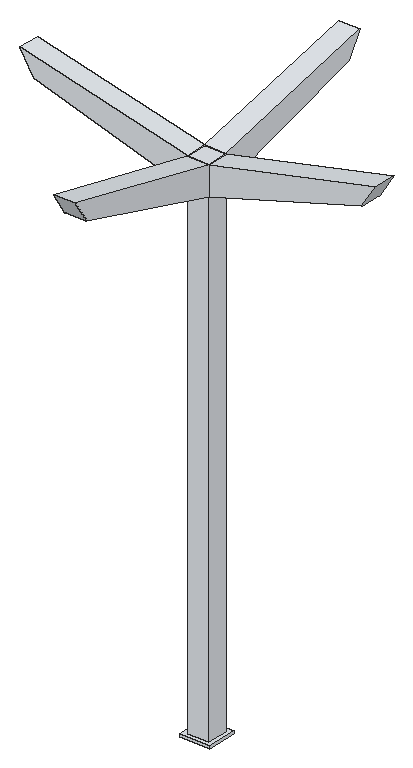
Revit family "K5", category Lighting Fixtures, host Face, Revit 2012
Parameters (values of type "K54")
  Voltage = 120 V
  URL = "http://www.aal.net/"
  Product Page URL = "http://www.aal.net/products/kick_medium_scale/"
  Product Documentation Link = "http://www.aal.net/content/products/specs/specs_files/aal_k5_spec.pdf"
  Photometric Web [instance] = Web K5 : K5X-T2-9030
  Model = "Kick Medium Scale"  # constant formula
  Material Finish [instance] = K5 Pole : K5-AWT
  Manufacturer Phone = "(626)-968-5666"  # constant formula
  Manufacturer Fax = "(626)-369-2695"  # constant formula
  Manufacturer = "Architectural Area Lighting"  # constant formula
  Lamp = "LED Lamp"
  Lamp-4 = yes
  Lamp-3 = yes
  Lamp-2 = yes
  Lamp-1 = yes
  Height = 10' - 0"
  Description = "Form follows Function” is the inspiration behind AAL’s breathtaking KicK™ luminaire. KicK™ is a contemporary, sleek, compact luminaire delivering an elegant, timeless form wrapped around precision cutoff optics for a truly elegant low glare pedestrian experience that re-defines architectural site lighting."  # constant formula
  Default Elevation = 4' - 0"
  Apparent Load = 0 VA
Types (5): name | Photometric Web | Material Finish | Lamp-4 | Lamp-3 | Lamp-2
  (no name) | Web K5 : K5X-T2-9030 | K5 Pole : K5-AWT | yes | yes | yes
  K54 | Web K5 : K5X-T2-9030 | K5 Pole : K5-AWT | yes | yes | yes
  K51 | Web K5 : K5X-T2-9040 | K5 Pole : K5-DBZ | no | no | no
  K52 | Web K5 : K5X-T2-9030 | K5 Pole : K5-AWT | no | yes | no
  K53 | Web K5 : K5X-T2-9030 | K5 Pole : K5-AWT | no | yes | yes
Reference planes (in)
  plane 1 "Center (Front/Back)": y = 0
  plane 2: z = 0
  plane 3 "Center (Left/Right)": x = 0
  plane 4: z = 0.5
  plane 5: x = -3
  plane 6: x = 3
  plane 7: x = 2
  plane 8: x = -2
  plane 9: z = 120
Dimensions and locks (in)
  locked: host sketch curve to host sketch curve at 48  (x2)
  equal spacing: host sketch curve, plane 3 "Center (Left/Right)", host sketch curve
  equal spacing: host sketch curve, plane 1 "Center (Front/Back)", host sketch curve
  plane 3 "Center (Left/Right)" to host sketch curve = 2' - 0"
  plane 1 "Center (Front/Back)" to host sketch curve = 2' - 0"
  locked: plane 4 to plane 2 at 0.5
  equal spacing: plane 5, plane 3 "Center (Left/Right)", plane 6
  locked: plane 5 to plane 6 at 6
  equal spacing: plane 8, plane 3 "Center (Left/Right)", plane 7
  locked: plane 5 to plane 8 at 1
  "Height": plane 9 to plane 2
  aligned and locked: plane 2 to host face
  aligned and locked: level to host face
  aligned and locked: plane 3 "Center (Left/Right)" to nested 1
  aligned and locked: plane 1 "Center (Front/Back)" to nested 1
  aligned and locked: nested 2 to nested 1  (x2)
  aligned and locked: nested 3 to nested 1  (x2)
  aligned and locked: nested 1 to nested 4
  aligned and locked: nested 4 to nested 1
  aligned and locked: nested 1 to nested 5
  aligned and locked: nested 5 to nested 1
Nested families (in)
  nested 1: "K5 Pole" at (0, 0, 0), Height <- "Height", type <- "Material Finish", Lamp-1 <- "Lamp-1", Lamp-2 <- "Lamp-2", Lamp-3 <- "Lamp-3", Lamp-4 <- "Lamp-4", type "K5-AWT"
    with Lamp-4 yes, Lamp-3 yes, Lamp-2 yes, Lamp-1 yes, Height 10' - 0"
  nested 2: "Web K5" at (21.42113, 0.23896, 118.89419) x (0, 1, 0) z (0.2848, 0, -0.9586), visible <- "Lamp-2", type <- "Photometric Web", type "K5X-T2-9030"
  nested 3: "Web K5" at (-0.23896, 21.42113, 118.89419) x (-1, 0, 0) z (0, 0.2848, -0.9586), type <- "Photometric Web", visible <- "Lamp-3", type "K5X-T2-9030"
  nested 4: "Web K5" at (-21.42113, -0.23896, 118.89419) x (0, -1, 0) z (-0.2848, 0, -0.9586), type <- "Photometric Web", visible <- "Lamp-4", type "K5X-T2-9030"
  nested 5: "Web K5" at (0.23896, -21.42113, 118.89419) x (1, 0, 0) z (0, -0.2848, -0.9586), type <- "Photometric Web", visible <- "Lamp-1", type "K5X-T2-9030"
Connectors (in)
  electrical at (0, 0, 0.5), driven by "Voltage", driven by "Description"
    settings: on nested 1, index 1, voltage 120 V, apparent load 0 VA, apparent load phase1 0 VA, apparent load phase2 0 VA, apparent load phase3 0 VA, power factor 1, load classification "Other", number of poles 1, system type 30, power factor state 1, is connector primary yes, connector utility no, sub classification motor no, connector description "Form follows Function” is the inspiration behind AAL’s breathtaking KicK™ luminaire. KicK™ is a contemporary, sleek, compact luminaire delivering an elegant, timeless form wrapped around precision cutoff optics for a truly elegant low glare pedestrian experience that re-defines architectural site lighting."
Definition of nested family "K5 Pole"
  Parameters (values of type "K5-ATG")
    Voltage = 0 V
    URL = ""
    Product Page URL = ""
    Product Documentation Link = ""
    Model = ""
    Manufacturer Phone = ""
    Manufacturer Fax = ""
    Manufacturer = ""
    Lamp-4 [instance] = yes
    Lamp-3 [instance] = yes
    Lamp-2 [instance] = yes
    Lamp-1 [instance] = yes
    Lamp = "LED Lamp"
    Height [instance] = 8' - 0"
    Glass = Glass
    Finish = Antique Green
    Description = ""
    Default Elevation = 4' - 0"
    Apparent Load = 0 VA
  Types (13): name | Finish
    K5-AWT | Arctic White
    K5-BLK | Black
    K5-MTB | Matte Black
    K5-DGN | Dark Green
    K5-DBZ | Dark Bronze
    K5-WRZ | Weathered Bronze
    K5-BRM | Metallic Bronze
    K5-VBL | Verde Blue
    K5-CRT | Corten
    K5-MAL | Matte Aluminum
    K5-MDG | Medium Grey
    K5-ATG | Antique Green
    K5-LGY | Light Grey
  Reference planes (in)
    plane 1 "Center (Front/Back)": y = 0
    plane 2: z = 0
    plane 3 "Center (Left/Right)": x = 0
    plane 4: z = 0.5
    plane 5: y = 3.5
    plane 6: y = -3.5
    plane 7: x = -3.5
    plane 8: x = 3.5
    plane 9: x = 2.5
    plane 10: x = -2.5
    plane 11: y = 2.5
    plane 12: y = -2.5
    plane 13: z = 96
  Forms (in)
    Extrusion 1, solid
      sketch origin (0, 0, 0) x (1, 0, 0) y (0, 1, 0)
        loop
          line (-24, 24) -> (-24, -24) -> (24, -24) -> (24, 24) -> (-24, 24)
      from 0 to -1.5
    Extrusion 2, solid, material "Antique Green" <- "Finish"
      sketch origin (0, 0, 0) x (1, 0, 0) y (0, 1, 0)
        loop
          line (-3.5, 3.5) -> (-3.5, -3.5) -> (3.5, -3.5) -> (3.5, 3.5) -> (-3.5, 3.5)
      from 0 to 0.5
    Extrusion 3, solid, material "Antique Green" <- "Finish"
      sketch origin (0, 0, 0) x (1, 0, 0) y (0, 1, 0)
        loop
          line (-2.5, 2.5) -> (-2.5, -2.5) -> (2.5, -2.5) -> (2.5, 2.5) -> (-2.5, 2.5)
      from 0 to 96
  Cuts and joins
    joined: Extrusion 2, Extrusion 3
  Dimensions and locks (in)
    locked: Extrusion 1 sketch curve to Extrusion 1 sketch curve at 48  (x2)
    equal spacing: Extrusion 1 sketch curve, plane 3 "Center (Left/Right)", Extrusion 1 sketch curve
    equal spacing: Extrusion 1 sketch curve, plane 1 "Center (Front/Back)", Extrusion 1 sketch curve
    plane 3 "Center (Left/Right)" to Extrusion 1 sketch curve = 2' - 0"
    plane 1 "Center (Front/Back)" to Extrusion 1 sketch curve = 2' - 0"
    locked: plane 4 to plane 2 at 0.5
    equal spacing: plane 7, plane 3 "Center (Left/Right)", plane 8
    plane 7 to plane 8 = 0' - 7"
    equal spacing: plane 5, plane 1 "Center (Front/Back)", plane 6, locked at 3.5 each
    plane 5 to plane 6 = 0' - 7"
    plane 5 to plane 11 = 0' - 1"
    equal spacing: plane 11, plane 1 "Center (Front/Back)", plane 12, locked at 2.5 each
    plane 11 to plane 12 = 0' - 5"
    equal spacing: plane 10, plane 3 "Center (Left/Right)", plane 9
    plane 7 to plane 10 = 0' - 1"
    "Height": plane 13 to plane 2
    plane 10 to plane 9 = 0' - 5"
    aligned and locked: plane 2 to Extrusion 1
    aligned and locked: level to Extrusion 1
    aligned and locked: Extrusion 2 sketch curve to plane 5
    aligned and locked: plane 7 to Extrusion 2 sketch curve
    aligned and locked: plane 6 to Extrusion 2 sketch curve
    aligned and locked: Extrusion 2 sketch curve to plane 8
    aligned and locked: plane 4 to Extrusion 2
    aligned and locked: plane 13 to Extrusion 3
    aligned and locked: plane 1 "Center (Front/Back)" to nested 1
    aligned and locked: plane 13 to nested 1
    aligned and locked: Extrusion 3 sketch curve to plane 9
    aligned and locked: plane 12 to Extrusion 3 sketch curve
    aligned and locked: plane 10 to Extrusion 3 sketch curve
    aligned and locked: Extrusion 3 sketch curve to plane 11
    aligned and locked: nested 1 to nested 2
    aligned and locked: plane 13 to nested 2
    aligned and locked: nested 3 to plane 3 "Center (Left/Right)"
    aligned and locked: nested 1 to nested 3
    aligned and locked: nested 3 to nested 4
    aligned and locked: plane 13 to nested 4
  Nested families (in)
    nested 1: "K5 Side Mount" at (2.5, 0, 96) x (0, -1, 0) z (1, 0, 0), Finish <- "Finish", visible <- "Lamp-2", type "K5 Side Mount"
      with Glass Glass, Finish Antique Green
    nested 2: "K5 Side Mount" at (-2.5, 0, 96) x (0, 1, 0) z (-1, 0, 0), Finish <- "Finish", visible <- "Lamp-4", type "K5 Side Mount"
      with Glass Glass, Finish Antique Green
    nested 3: "K5 Side Mount" at (0, -2.5, 96) x (-1, 0, 0) z (0, -1, 0), Finish <- "Finish", visible <- "Lamp-1", type "K5 Side Mount"
      with Glass Glass, Finish Antique Green
    nested 4: "K5 Side Mount" at (0, 2.5, 96) x (1, 0, 0) z (0, 1, 0), Finish <- "Finish", visible <- "Lamp-3", type "K5 Side Mount"
      with Glass Glass, Finish Antique Green
  Definition of nested family "K5 Side Mount"
    Parameters (values of type "K5 Side Mount")
      Voltage = 0 V
      URL = ""
      Product Page URL = ""
      Product Documentation Link = ""
      Model = ""
      Manufacturer Phone = ""
      Manufacturer Fax = ""
      Manufacturer = "KIM Lighting"  # constant formula
      Lamp = "LED Lamp"
      Glass [instance] = Glass
      Finish [instance] = Matte Black
      Description = "Wide Directional-Downlights, 6 Inch Conoid Aperture"
      Default Elevation = 4' - 0"
      Apparent Load = 0 VA
    Reference planes (in)
      plane 1 "Center (Front/Back)": y = 0
      plane 2: z = 0
      plane 3 "Center (Left/Right)": x = 0
      plane 4: x = -2.5
      plane 5: x = 2.5
      plane 6: z = 38.6
      plane 7: x = -2.25
      plane 8: x = 2.25
      plane 9: y = 6.8
      plane 10: y = -8.9
      plane 11: y = -6.15
      plane 12: z = 35.85
      plane 13: z = 35.35
      plane 14: z = 1
      plane 15: through (0, -6.16018, 29.13872) normal (0, -0.9401, -0.3409)
      plane 16: through (0, -2.31352, 30.42927) normal (0, -0.9586, -0.2848)
      plane 17: through (0, -2.85042, 30.48075) normal (0, -0.9586, -0.2848)
      plane 18: through (0, 2.51855, 1) normal (0, 0.968, 0.2509)
      plane 19: through (0, 1.37232, -5.95187) normal (0, 0.9744, 0.2247)
      plane 20: through (0, -8.9, 38.6) normal (0, -0.5356, -0.8445)
      plane 21: through (0, -1.90301, 18.06886) normal (0, 0.2848, -0.9586)
    Forms (in)
      Extrusion 1, solid
        sketch origin (0, 0, 0) x (1, 0, 0) y (0, 1, 0)
          loop
            line (-24, 24) -> (-24, -24) -> (24, -24) -> (24, 24) -> (-24, 24)
        from 0 to -1.5
      Extrusion 2, solid, material "Matte Black" <- "Finish"
        sketch origin (0, 0, 0) x (0, 1, 0) y (0, 0, 1)
          loop
            line (-8.9, 38.6) -> (0, 0) -> (6.7277, 0) -> (-3.77558, 35.35) -> (-8.9, 38.6)
        from -2.5 to 2.5
      Extrusion 3, void
        sketch origin (0, 0, 0) x (0, 1, 0) y (0, 0, 1)
          loop
            line (6.43058, 1) -> (-3.77558, 35.35) -> (-6.38359, 35.35) -> (2.51855, 1) -> (6.43058, 1)
        from -2.25 to 2.25
      Extrusion 4, solid, material "Glass" <- "Glass"
        sketch origin (0, 3.40583, 1.7723) x (0, 1, 0) y (0, 0, 1)
          loop
            line (-7.18141, 33.5777) -> (-7.70301, 33.5777) -> (2.50314, -0.7723) -> (3.02475, -0.7723) -> (-7.18141, 33.5777)
        from -2.25 to 2.25
    Cuts and joins
      Extrusion 3 cuts Extrusion 2
    Lines and regions (in)
      reference lines
        curve 1: line (0, 2.18156, 19.28248) -> (0, -6.53062, 16.69389)
    Dimensions and locks (in)
      locked: Extrusion 1 sketch curve to Extrusion 1 sketch curve at 48  (x2)
      equal spacing: Extrusion 1 sketch curve, plane 3 "Center (Left/Right)", Extrusion 1 sketch curve
      equal spacing: Extrusion 1 sketch curve, plane 1 "Center (Front/Back)", Extrusion 1 sketch curve
      plane 3 "Center (Left/Right)" to Extrusion 1 sketch curve = 2' - 0"
      plane 1 "Center (Front/Back)" to Extrusion 1 sketch curve = 2' - 0"
      equal spacing: plane 5, plane 3 "Center (Left/Right)", plane 4, locked at 2.5 each
      locked: plane 5 to plane 4 at 5
      locked: plane 6 to plane 2 at 38.6  (x2)
      equal spacing: plane 8, plane 3 "Center (Left/Right)", plane 7
      locked: plane 7 to plane 4 at 0.25
      plane 9 to plane 1 "Center (Front/Back)" to plane 10 = 0' - 6.8" locked, 0' - 8.9" locked
      locked: plane 6 to plane 12 at 2.75
      locked: plane 11 to plane 10 at 2.75
      locked: plane 14 to plane 2 at 1
      locked: plane 12 to plane 13 at 0.5
      locked: plane 17 to plane 16 at 0.5
      plane 9 to plane 10 = 1' - 3.7"
      locked: Extrusion 1 to plane 16 (angle 73.4521°)
      locked: Extrusion 1 to plane 18 (angle 75.4709°)
      locked: plane 2 to plane 19 (angle 77.0162°)
      locked: Extrusion 1 to plane 20 (angle 32.3836°)
      locked: plane 16 to plane 21 (angle 90.00°)
      aligned and locked: plane 2 to Extrusion 1
      aligned and locked: level to Extrusion 1
      aligned and locked: Extrusion 2 to plane 4
      aligned and locked: Extrusion 2 to plane 5
      aligned and locked: Extrusion 4 to plane 7
      aligned and locked: plane 8 to Extrusion 4
      aligned and locked: Extrusion 3 to plane 7
      aligned and locked: plane 8 to Extrusion 3
      aligned and locked: Extrusion 2 to plane 2
      aligned and locked: Extrusion 2 sketch curve to Extrusion 4
      aligned and locked: plane 18 to cut or joined group of Extrusion 2, Extrusion 3
      aligned and locked: plane 17 to Extrusion 4
      aligned and locked: Extrusion 4 to plane 16
      aligned and locked: plane 13 to Extrusion 3
      aligned and locked: plane 19 to cut or joined group of Extrusion 2, Extrusion 3
      aligned and locked: plane 19 to Extrusion 2 sketch curve
      aligned and locked: plane 20 to cut or joined group of Extrusion 2, Extrusion 3
      aligned and locked: plane 20 to Extrusion 2 sketch curve
      aligned and locked: plane 13 to Extrusion 4
      aligned and locked: plane 21 to curve 1
    Automatic sketch dimensions
      plane 13 to Extrusion 4 sketch curve = 0' - 0"
      Extrusion 4 sketch curve to plane 17 = 0' - 0"  (x2)
      Extrusion 4 sketch curve to plane 16 = 0' - 0"  (x2)
      plane 14 to Extrusion 4 sketch curve = 0' - 0"
      Extrusion 3 sketch curve to plane 13 = 0' - 0"
      Extrusion 3 sketch curve to plane 14 = 0' - 0"
      Extrusion 3 sketch curve to plane 10 = 0' - 2.51641"
      Extrusion 3 sketch curve to plane 1 "Center (Front/Back)" = 0' - 2.51855"
      plane 16 to Extrusion 3 sketch curve = 0' - 0"  (x2)
      Extrusion 2 sketch curve to level = 0' - 0"
      plane 11 to curve 1 = 0' - 0.38062"
      curve 1 to plane 1 "Center (Front/Back)" = 0' - 2.18156"
Definition of nested family "Web K5"
  Parameters (values of type "K5X-T2-9030")
    Wattage Comments = "35-62W"
    Wattage = 55 W
    built-in parameter 1150110 = 1 (stored number, unit not read)
    URL = ""
    built-in parameter 1114217 = 1 (stored number, unit not read)
    Tilt Angle = -90.00°
    built-in parameter 1150109 = 1 (stored number, unit not read)
    built-in parameter 1150134 = (empty or 0)
    built-in parameter 1150113 = 1 (stored number, unit not read)
    Product Page URL = ""
    Product Documentation Link = ""
    Photometric Web File = "K5X-T2-9030.ies"
    Model = ""
    Manufacturer Phone = ""
    Manufacturer Fax = ""
    Manufacturer = "AAL Lighting"  # constant formula
    built-in parameter 1150105 = 354.12 (stored number, unit not read)
    Lumens = 4450.05 lm
    built-in parameter 1150115 = 1 (stored number, unit not read)
    built-in parameter 1150137 = (empty or 0)
    built-in parameter 1150139 = (empty or 0)
    built-in parameter 1150112 = 1 (stored number, unit not read)
    built-in parameter 1150114 = 1 (stored number, unit not read)
    Lamp = ""
    built-in parameter 1150132 = (empty or 0)
    built-in parameter 1150102 = (empty or 0)
    built-in parameter 1150107 = 3000 (stored number, unit not read)
    built-in parameter 1150138 = (empty or 0)
    built-in parameter 1150106 = 3.5412 (stored number, unit not read)
    Emit from Line Length = 0' - 2"
    built-in parameter 1150104 = 7.5168 (stored number, unit not read)
    Dimming Lamp Color Temperature Shift = (empty or 0)
    Description = ""
    Default Elevation = 4' - 0"
    Color Filter = 16777215
    built-in parameter 1114218 = 1 (stored number, unit not read)
    built-in parameter 1150133 = 10 (stored number, unit not read)
  Types (36): name | Photometric Web File
    K5X-T2-9030 | "K5X-T2-9030.ies"
    K5X-T2-9040 | "K5X-T2-9040.ies"
    K5X-T2-9050 | "K5X-T2-9050.ies"
    K5X-T2-12030 | "K5X-T2-12030.ies"
    K5X-T2-12040 | "K5X-T2-12040.ies"
    K5X-T2-12050 | "K5X-T2-12050.ies"
    K5X-T2-MO-9030 | "K5X-T2-MO-9030.ies"
    K5X-T2-MO-9040 | "K5X-T2-MO-9040.ies"
    K5X-T2-MO-9050 | "K5X-T2-MO-9050.ies"
    K5X-T2-MO-12030 | "K5X-T2-MO-12030.ies"
    K5X-T2-MO-12040 | "K5X-T2-MO-12040.ies"
    K5X-T2-MO-12050 | "K5X-T2-MO-12050.ies"
    K5X-T3-9030 | "K5X-T3-9030.ies"
    K5X-T3-9040 | "K5X-T3-9040.ies"
    K5X-T3-9050 | "K5X-T3-9050.ies"
    K5X-T3-12030 | "K5X-T3-12030.ies"
    K5X-T3-12040 | "K5X-T3-12040.ies"
    K5X-T3-12050 | "K5X-T3-12050.ies"
    K5X-T3-MO-9030 | "K5X-T3-MO-9030.ies"
    K5X-T3-MO-9040 | "K5X-T3-MO-9040.ies"
    K5X-T3-MO-9050 | "K5X-T3-MO-9050.ies"
    K5X-T3-MO-12030 | "K5X-T3-MO-12030.ies"
    K5X-T3-MO-12040 | "K5X-T3-MO-12040.ies"
    K5X-T3-MO-12050 | "K5X-T3-12050.ies"
    K5X-T4-9030 | "K5X-T4-9030.ies"
    K5X-T4-9040 | "K5X-T4-9040.ies"
    K5X-T4-9050 | "K5X-T4-9050.ies"
    K5X-T4-12030 | "K5X-T4-12030.ies"
    K5X-T4-12040 | "K5X-T4-12040.ies"
    K5X-T4-12050 | "K5X-T4-12050.ies"
    K5X-T4-MO-9030 | "K5X-T4-MO-9030.ies"
    K5X-T4-MO-9040 | "K5X-T4-MO-9040.ies"
    K5X-T4-MO-9050 | "K5X-T4-MO-9050.ies"
    K5X-T4-MO-12030 | "K5X-T4-MO-12030.ies"
    K5X-T4-MO-12040 | "K5X-T4-MO-12040.ies"
    K5X-T4-MO-12050 | "K5X-T4-MO-12050.ies"
  Reference planes (in)
    plane 1 "Center (Front/Back)": y = 0.03999
    plane 2: z = 0
    plane 3 "Center (Left/Right)": x = -0.23896
  Forms (in)
    Extrusion 1, solid
      sketch origin (0, 0, 0.06357) x (1, 0, 0) y (0, 1, 0)
        loop
          line (-48, 48) -> (-48, -48) -> (48, -48) -> (48, 48) -> (-48, 48)
      from -0.06357 to -13.79058
  Lines and regions (in)
    reference lines
      curve 1: line (-0.23896, 0.03999, 18.11448) -> (-0.23896, 0.03999, -22.88552)
      curve 2: line (-0.23896, 0.03999, 34) -> (-0.23896, 0.03999, -22.88552)
  Dimensions and locks (in)
    aligned and locked: plane 2 to Extrusion 1
    aligned and locked: level to Extrusion 1
    aligned and locked: Extrusion 1 to imposter light
    aligned and locked: plane 3 "Center (Left/Right)" to imposter light
    aligned and locked: imposter light to plane 1 "Center (Front/Back)"
    aligned and locked: curve 1 to plane 3 "Center (Left/Right)"
    aligned and locked: plane 1 "Center (Front/Back)" to curve 2
